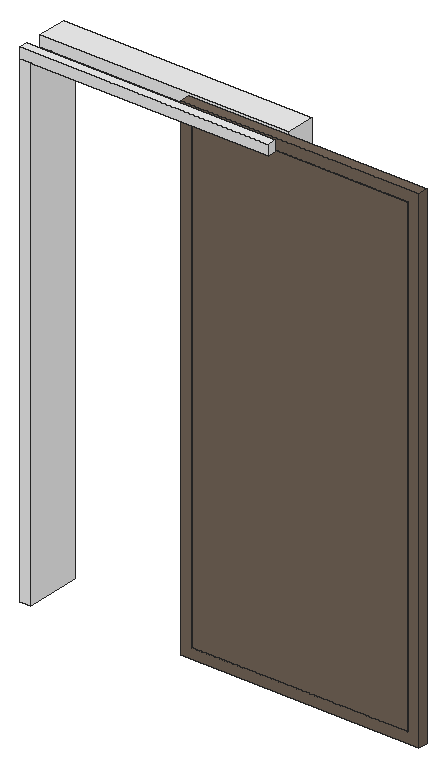
Revit family
Parameters (values of type "2100x1050 mm")
  열림 폭 = 640 mm
  Thickness = 230 mm
  Height = 2100 mm
  Wall Closure = (empty or 0)
  Width = 1050 mm
  문 프레임 = 화장실 미닫이 문 프래임
  문 모서리 = 화장실 미닫이 문 모서리
Reference planes
  plane 1: y = 0
  plane 2 "중심(왼쪽/오른쪽)": x = 0
  plane 3 "왼쪽": x = -525
  plane 4 "오른쪽": x = 525
  plane 5: z = 2100
  plane 6 "외부": y = 75
  plane 7 "내부": y = -75
  plane 8: y = -115
  plane 9: y = 115
  plane 10: y = -65
  plane 11: y = -25
  plane 12: x = -480
  plane 13: x = -435
  plane 14: x = 480
  plane 15: y = -10
  plane 16: y = -80
  plane 17: z = 2055
  plane 18: z = 45
  plane 19: y = -85
  plane 20: y = -80
Forms (mm)
  Extrusion 1, solid, material "화장실 미닫이 문 프래임" <- "문 프레임"
    sketch origin (0, 0, 0) x (1, 0, 0) y (0, 1, 0)
      loop
        line (-525, -115) -> (-480, -115) -> (-480, 115) -> (-525, 115) -> (-525, -115)
    from 0 to 2055
  Sweep 2, solid, material "화장실 미닫이 문 프래임" <- "문 프레임"
    path origin (3138.694, -25, 1200) x (1, 0, 0) y (0, 0, 1)
      loop
        line (-2613.694, -1200) -> (-2613.694, 900) -> (-3663.694, 900)
    profile origin (525, -25, 1050) x (-1, 0, 0) y (0, -1, 0)
      loop
        line (0, -15) -> (0, -140) -> (45, -140) -> (45, -15) -> (0, -15)
  Extrusion 3, solid, material "화장실 미닫이 문 프래임" <- "문 프레임"
    sketch origin (0, 0, 0) x (1, 0, 0) y (0, 1, 0)
      loop
        line (-525, -115) -> (525, -115) -> (525, -80) -> (-525, -80) -> (-525, -115)
    from 2100 to 2055
  Extrusion 4, solid, material "화장실 미닫이 문 모서리" <- "문 모서리"
    sketch origin (365, 0, 0) x (1, 0, 0) y (0, 1, 0)
      loop
        line (-205, -65) -> (710, -65) -> (710, -25) -> (-205, -25) -> (-205, -65)
    from 45 to 2055
  Sweep 5, solid, material "화장실 미닫이 문 모서리" <- "문 모서리"
    path origin (3503.694, -65, 1200) x (1, 0, 0) y (0, 0, 1)
      loop
        line (-3388.694, 900) -> (-3388.694, -1200) -> (-2383.694, -1200) -> (-2383.694, 900) -> (-3388.694, 900)
    profile origin (115, -65, 1050) x (-1, 0, 0) y (0, -1, 0)
      loop
        line (0, 0) -> (-45, 0) -> (-45, -40) -> (0, -40) -> (0, 0)
Lines and regions (mm)
  Opening 1
    outline origin (-3050, -75, 0) x (1, 0, 0) y (0, 0, 1)
      loop
        line (2525, 0) -> (3575, 0) -> (3575, 2100) -> (2525, 2100) -> (2525, 0)
  symbolic lines, style "Doors"
    curve 1: line (525, -65, 0) -> (1485, -65, 0)
    curve 2: line (1485, -25, 0) -> (525, -25, 0)
    curve 3: line (1525, -85, 0) -> (1525, 0, 0)
    curve 4: line (1525, 0, 0) -> (1485, 0, 0)
    curve 5: line (1485, 0, 0) -> (1485, -85, 0)
    curve 6: line (1485, -85, 0) -> (1525, -85, 0)
  symbolic lines, style "DoorsFrameMullionProjection"
    curve 7: line (-480, -65, 0) -> (-480, -25, 0)
    curve 8: line (-480, -65, 0) -> (480, -65, 0)
    curve 9: line (480, -65, 0) -> (525, -65, 0)
    curve 10: line (480, -25, 0) -> (480, -65, 0)
    curve 11: line (525, -25, 0) -> (480, -25, 0)
    curve 12: line (525, -65, 0) -> (525, -25, 0)
    curve 13: line (480, -25, 0) -> (-480, -25, 0)
    curve 14: line (-525, -25, 0) -> (-525, -65, 0)
    curve 15: line (-525, -65, 0) -> (-480, -65, 0)
    curve 16: line (-525, -25, 0) -> (-480, -25, 0)
Text (mm)
  text "외부" at (-2295.016, 1099.543, 0), in view "참조 레벨"
  text "외부" at (0, 1615.38, 3698.081), in view "왼쪽"
  text "외부" at (0, 1036.032, 3874.932), in view "오른쪽"
Dimensions and locks
  equal spacing: plane 3 "왼쪽", plane 2 "중심(왼쪽/오른쪽)", plane 4 "오른쪽"
  "Width": plane 3 "왼쪽" to plane 4 "오른쪽"
  "Height": plane 5 to host wall
  host wall to plane 5 = 2100 mm  (x2)
  locked: plane 6 "외부" to host wall at 0
  locked: plane 7 "내부" to host wall
  equal spacing: plane 8, plane 1, plane 9
  "Thickness": plane 8 to plane 9
  locked: plane 8 to plane 10 at 50
  locked: plane 10 to plane 11 at 40
  plane 11 to plane 9 = 140 mm
  plane 3 "왼쪽" to plane 12 to plane 13 = 45 mm locked, 45 mm locked
  locked: plane 14 to plane 4 "오른쪽" at 45
  locked: plane 11 to plane 15 at 15
  locked: plane 16 to plane 10 at 15
  locked: plane 8 to plane 19 at 30
  "열림 폭": plane 3 "왼쪽" to Sweep 5
  locked: Sweep 5 to Sweep 5 at 1005
  locked: host wall to plane 20 at 5
  locked: plane 17 to plane 5 at 45
  aligned and locked: plane 3 "왼쪽" to Opening 1 sketch curve
  aligned and locked: plane 5 to Opening 1 sketch curve  (x2)
  aligned and locked: Opening 1 sketch curve to plane 4 "오른쪽"
  aligned and locked: Opening 1 sketch curve to level
  aligned and locked: plane 1 to host wall
  aligned and locked: plane 3 "왼쪽" to Extrusion 1 sketch curve
  aligned and locked: plane 8 to Extrusion 1 sketch curve
  aligned and locked: plane 9 to Extrusion 1 sketch curve
  aligned and locked: Extrusion 1 sketch curve to plane 12
  aligned and locked: profile plane to Sweep 2 sketch curve
  aligned and locked: Sweep 2 sketch curve to plane 14
  aligned and locked: plane 9 to Sweep 2 sketch curve
  aligned and locked: Sweep 2 sketch curve to plane 15
  aligned and locked: Extrusion 1 to Sweep 2
  aligned and locked: Extrusion 1 to Extrusion 3 sketch curve
  aligned and locked: Extrusion 3 sketch curve to plane 4 "오른쪽"
  aligned and locked: plane 10 to Extrusion 4 sketch curve
  aligned and locked: Extrusion 1 to Extrusion 4
  aligned and locked: Extrusion 4 to plane 18
  aligned and locked: Extrusion 4 to plane 17
  aligned and locked: plane 5 to Sweep 5 sketch curve
  aligned and locked: Sweep 5 sketch curve to Sweep 2
  aligned and locked: profile plane to Sweep 5 sketch curve  (x2)
  aligned and locked: Extrusion 4 to Sweep 5 sketch curve
  aligned and locked: Extrusion 4 to Sweep 5  (x2)
  aligned and locked: plane 20 to Extrusion 3
  aligned and locked: plane 3 "왼쪽" to curve 14
  aligned and locked: plane 10 to curve 14
  aligned and locked: plane 11 to curve 14
  aligned and locked: plane 12 to curve 16
  aligned and locked: plane 3 "왼쪽" to curve 15
  aligned and locked: plane 12 to curve 15
  aligned and locked: Extrusion 3 to plane 5
  aligned and locked: plane 17 to Extrusion 3
Automatic sketch dimensions
  Sweep 2 sketch curve to plane 3 "왼쪽" = 0 mm
  Sweep 2 sketch curve to plane 4 "오른쪽" = 0 mm
  Sweep 2 sketch curve to level = 0 mm
  plane 5 to Sweep 2 sketch curve = 0 mm
  plane 12 to Extrusion 3 sketch curve = 45 mm
  Extrusion 4 sketch curve to plane 11 = 0 mm
  plane 2 "중심(왼쪽/오른쪽)" to Extrusion 4 sketch curve = 160 mm
  Extrusion 4 sketch curve to plane 4 "오른쪽" = 550 mm
  plane 2 "중심(왼쪽/오른쪽)" to Sweep 5 sketch curve = 115 mm
  Sweep 5 sketch curve to plane 4 "오른쪽" = 595 mm
  profile plane to Sweep 5 sketch curve = 45 mm
  plane 16 to Extrusion 3 sketch curve = 0 mm
  curve 9 to plane 14 = 0 mm
  curve 1 to plane 4 "오른쪽" = 0 mm
  curve 6 to plane 19 = 0 mm
  curve 4 to host wall = 0 mm
  curve 6 to plane 4 "오른쪽" = 960 mm
  curve 4 to curve 3 = 40 mm
